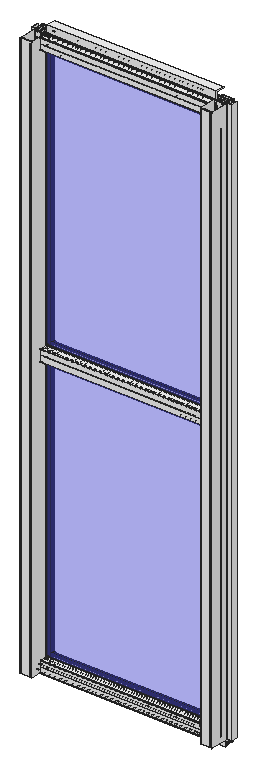
Revit family "Facade_60_Curtain_Wall_S12_Custom", category Windows, host Wall, Revit 2014 (continued)
Definition of nested family "F60 Horizontal Profile Middle_S12_Cust"
  Forms (mm)
    Extrusion 5, solid, material <- "Thermal Break Material", visible <- "Single Glazing"
      sketch origin (0, 0, 0) x (0, 1, 0) y (0, 0, 1)
        loop
          line (-61.15, 30.996) -> (-61.15, 29.006)
          arc (-61.15, 29.006) -> (-61.004, 28.652) -> (-60.65, 28.506) r 0.5
          line (-60.65, 28.506) -> (-59.794, 28.506)
        loop
          line (-47.854, 30.898) -> (-49.415, 31.653) -> (-56.782, 31.653)
          arc (-56.782, 31.653) -> (-57.207, 31.417) -> (-57.23, 30.932) r 0.5
          arc (-57.23, 30.932) -> (-57.013, 30.001) -> (-57.23, 29.07) r 2.099
          arc (-57.23, 29.07) -> (-57.207, 28.584) -> (-56.782, 28.348) r 0.5
          line (-56.782, 28.348) -> (-49.415, 28.348) -> (-48.055, 29.007)
          arc (-48.055, 29.007) -> (-47.35, 29.888) -> (-47.854, 30.898) r 1.047
      from 0 to 250 <- "Length"
    Extrusion 6, solid, material <- "Profile Material", visible <- "Single Glazing"
      sketch origin (0, 0, 0) x (0, 1, 0) y (0, 0, 1)
        loop
          line (-63.8, 52.694) -> (-64.8, 52.694) -> (-64.8, 51.544) -> (-66.05, 51.544) -> (-66.05, 57.044) -> (-64.8, 57.044) -> (-64.8, 55.894) -> (-63.8, 55.894) -> (-63.8, 58.294)
          arc (-63.8, 58.294) -> (-64.082, 58.803) -> (-64.664, 58.835) r 0.6
          line (-64.664, 58.835) -> (-66.562, 57.91) -> (-67.088, 58.988) -> (-68.05, 58.519) -> (-68.05, 48.513)
          arc (-68.05, 48.513) -> (-67.874, 48.089) -> (-67.45, 47.913) r 0.6
          line (-67.45, 47.913) -> (-66.6, 47.913) -> (-66.6, 12.09) -> (-67.45, 12.09)
          arc (-67.45, 12.09) -> (-67.874, 11.914) -> (-68.05, 11.49) r 0.6
          line (-68.05, 11.49) -> (-68.05, 1.485) -> (-67.088, 1.016) -> (-66.562, 2.095) -> (-64.663, 1.169)
          arc (-64.663, 1.169) -> (-64.082, 1.2) -> (-63.8, 1.709) r 0.6
          line (-63.8, 1.709) -> (-63.8, 4.109) -> (-64.8, 4.109) -> (-64.8, 2.959) -> (-66.05, 2.959) -> (-66.05, 8.459) -> (-64.8, 8.459) -> (-64.8, 7.309) -> (-63.8, 7.309) -> (-63.8, 27.674) -> (-62.4, 28.483) -> (-62.4, 31.521) -> (-63.8, 32.329) -> (-63.8, 52.694)
      from 0 to 250 <- "Length"
    Extrusion 7, solid, material <- "Profile Material", visible <- "Single Glazing"
      sketch origin (0, 0, 0) x (0, 1, 0) y (0, 0, 1)
        loop
          line (-68.551, 3.3) -> (-76.559, 3.3) -> (-76.559, 30) -> (-76.559, 56.15)
          arc (-76.559, 56.15) -> (-75.739, 58.13) -> (-73.759, 58.95) r 2.8
          line (-73.759, 58.95) -> (-69.151, 58.95) -> (-69.151, 57.2)
          arc (-69.151, 57.2) -> (-68.987, 56.829) -> (-68.601, 56.703) r 0.5
          arc (-68.601, 56.703) -> (-68.216, 56.829) -> (-68.051, 57.2) r 0.5
          line (-68.051, 57.2) -> (-68.051, 58.517) -> (-67.089, 58.986) -> (-66.563, 57.907) -> (-63.866, 59.222)
          arc (-63.866, 59.222) -> (-64.001, 59.762) -> (-64.504, 60) r 0.65
          line (-64.504, 60) -> (-73.859, 60)
          arc (-73.859, 60) -> (-76.687, 58.828) -> (-77.859, 56) r 4
          line (-77.859, 56) -> (-77.859, 30) -> (-77.859, 2.493)
          arc (-77.859, 2.493) -> (-77.197, 0.799) -> (-75.562, 0.002) r 2.5
          arc (-75.562, 0.002) -> (-75.182, 0.132) -> (-75.021, 0.5) r 0.5
          line (-75.021, 0.5) -> (-75.021, 2) -> (-69.151, 2) -> (-69.151, 0.5)
          arc (-69.151, 0.5) -> (-69.005, 0.146) -> (-68.651, 0) r 0.5
          line (-68.651, 0) -> (-64.504, 0)
          arc (-64.504, 0) -> (-64.001, 0.238) -> (-63.866, 0.778) r 0.65
          line (-63.866, 0.778) -> (-66.563, 2.093) -> (-67.089, 1.014) -> (-68.051, 1.483) -> (-68.051, 2.8)
          arc (-68.051, 2.8) -> (-68.198, 3.154) -> (-68.551, 3.3) r 0.5
      from 0 to 250 <- "Length"
    Extrusion 8, solid, material <- "Thermal Break Material", visible <- "Double Glazing"
      sketch origin (0, 0, 0) x (0, 1, 0) y (0, 0, 1)
        loop
          line (-77.8, 27.673) -> (-77.8, 25.751)
          arc (-77.8, 25.751) -> (-77.654, 25.397) -> (-77.3, 25.251) r 0.5
          line (-77.3, 25.251) -> (-59.8, 25.251)
          arc (-59.8, 25.251) -> (-59.446, 25.397) -> (-59.3, 25.751) r 0.5
          line (-59.3, 25.751) -> (-59.3, 27.647) -> (-49.599, 27.647) -> (-47.528, 28.649)
          arc (-47.528, 28.649) -> (-46.803, 29.999) -> (-47.528, 31.349) r 1.62
          line (-47.528, 31.349) -> (-49.602, 32.353) -> (-59.3, 32.353) -> (-59.3, 34.251)
          arc (-59.3, 34.251) -> (-59.446, 34.604) -> (-59.8, 34.751) r 0.5
          line (-59.8, 34.751) -> (-77.3, 34.751)
          arc (-77.3, 34.751) -> (-77.654, 34.604) -> (-77.8, 34.251) r 0.5
          line (-77.8, 34.251) -> (-77.8, 32.327) -> (-76.4, 31.52) -> (-76.4, 28.482) -> (-77.8, 27.673)
        loop
          line (-59.006, 30.708) -> (-61.156, 32.858)
          arc (-61.156, 32.858) -> (-61.48, 33.074) -> (-61.863, 33.151) r 1
          line (-61.863, 33.151) -> (-73.8, 33.151)
          arc (-73.8, 33.151) -> (-74.507, 32.858) -> (-74.8, 32.151) r 1
          line (-74.8, 32.151) -> (-74.8, 27.851)
          arc (-74.8, 27.851) -> (-74.507, 27.144) -> (-73.8, 26.851) r 1
          line (-73.8, 26.851) -> (-61.863, 26.851)
          arc (-61.863, 26.851) -> (-61.48, 26.927) -> (-61.156, 27.144) r 1
          line (-61.156, 27.144) -> (-59.006, 29.294)
          arc (-59.006, 29.294) -> (-58.788, 29.618) -> (-58.713, 30.001) r 0.986
          arc (-58.713, 30.001) -> (-58.79, 30.383) -> (-59.006, 30.708) r 1.007
        loop
          line (-56.782, 28.347) -> (-49.415, 28.347) -> (-48.055, 29.005)
          arc (-48.055, 29.005) -> (-47.35, 29.887) -> (-47.854, 30.896) r 1.047
          line (-47.854, 30.896) -> (-49.415, 31.652) -> (-56.782, 31.652)
          arc (-56.782, 31.652) -> (-57.207, 31.416) -> (-57.23, 30.93) r 0.5
          arc (-57.23, 30.93) -> (-57.013, 29.999) -> (-57.23, 29.068) r 2.099
          arc (-57.23, 29.068) -> (-57.207, 28.583) -> (-56.782, 28.347) r 0.5
      from 0 to 250 <- "Length"
    Extrusion 9, solid, material <- "Profile Material", visible <- "Double Glazing"
      sketch origin (0, 0, 0) x (0, 1, 0) y (0, 0, 1)
        loop
          line (-77.8, 52.694) -> (-78.8, 52.694) -> (-78.8, 51.544) -> (-80.05, 51.544) -> (-80.05, 57.044) -> (-78.8, 57.044) -> (-78.8, 55.894) -> (-77.8, 55.894) -> (-77.8, 58.294)
          arc (-77.8, 58.294) -> (-78.082, 58.802) -> (-78.664, 58.834) r 0.6
          line (-78.664, 58.834) -> (-80.562, 57.909) -> (-81.088, 58.988) -> (-82.05, 58.518) -> (-82.05, 48.512)
          arc (-82.05, 48.512) -> (-81.874, 48.088) -> (-81.45, 47.912) r 0.6
          line (-81.45, 47.912) -> (-80.6, 47.912) -> (-80.6, 12.089) -> (-81.45, 12.089)
          arc (-81.45, 12.089) -> (-81.874, 11.913) -> (-82.05, 11.489) r 0.6
          line (-82.05, 11.489) -> (-82.05, 1.484) -> (-81.088, 1.015) -> (-80.562, 2.094) -> (-78.663, 1.169)
          arc (-78.663, 1.169) -> (-78.082, 1.199) -> (-77.8, 1.708) r 0.6
          line (-77.8, 1.708) -> (-77.8, 4.108) -> (-78.8, 4.108) -> (-78.8, 2.958) -> (-80.05, 2.958) -> (-80.05, 8.458) -> (-78.8, 8.458) -> (-78.8, 7.308) -> (-77.8, 7.308) -> (-77.8, 27.673) -> (-76.4, 28.482) -> (-76.4, 31.52) -> (-77.8, 32.328) -> (-77.8, 52.694)
      from 0 to 250 <- "Length"
    Extrusion 10, solid, material <- "Profile Material", visible <- "Double Glazing"
      sketch origin (0, 0, 0) x (0, 1, 0) y (0, 0, 1)
        loop
          line (-82.551, 3.3) -> (-90.558, 3.3) -> (-90.558, 30) -> (-90.558, 56.15)
          arc (-90.558, 56.15) -> (-89.738, 58.13) -> (-87.758, 58.95) r 2.8
          line (-87.758, 58.95) -> (-83.151, 58.95) -> (-83.151, 57.2)
          arc (-83.151, 57.2) -> (-82.986, 56.829) -> (-82.601, 56.703) r 0.5
          arc (-82.601, 56.703) -> (-82.215, 56.829) -> (-82.051, 57.2) r 0.5
          line (-82.051, 57.2) -> (-82.051, 58.517) -> (-81.088, 58.986) -> (-80.563, 57.907) -> (-77.866, 59.222)
          arc (-77.866, 59.222) -> (-78, 59.762) -> (-78.503, 60) r 0.65
          line (-78.503, 60) -> (-87.858, 60)
          arc (-87.858, 60) -> (-90.687, 58.828) -> (-91.858, 56) r 4
          line (-91.858, 56) -> (-91.858, 30) -> (-91.858, 2.493)
          arc (-91.858, 2.493) -> (-91.196, 0.799) -> (-89.561, 0.002) r 2.5
          arc (-89.561, 0.002) -> (-89.182, 0.132) -> (-89.021, 0.5) r 0.5
          line (-89.021, 0.5) -> (-89.021, 2) -> (-83.151, 2) -> (-83.151, 0.5)
          arc (-83.151, 0.5) -> (-83.004, 0.146) -> (-82.651, 0) r 0.5
          line (-82.651, 0) -> (-78.503, 0)
          arc (-78.503, 0) -> (-78, 0.238) -> (-77.866, 0.778) r 0.65
          line (-77.866, 0.778) -> (-80.563, 2.093) -> (-81.088, 1.014) -> (-82.051, 1.483) -> (-82.051, 2.8)
          arc (-82.051, 2.8) -> (-82.197, 3.154) -> (-82.551, 3.3) r 0.5
      from 0 to 250 <- "Length"
  Dimensions and locks
    aligned and locked: level to plane 2
